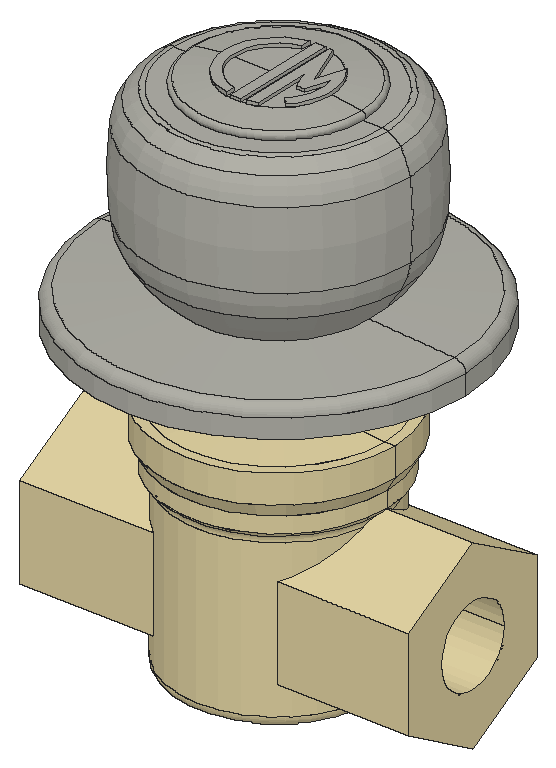
Revit family "QD21130000", category Apparecchi idraulici, Revit 2020
Family settings
  Quota connettore circolare = Usa diametro
  Tipo di parte = Normale
  Numero OmniClass = 23.45.00.00
  Titolo OmniClass = Sanitary, Laundry, and Cleaning Equipment
  Basato su piano di lavoro = No
  Sempre verticale = Sì
  Taglio con vuoti quando caricato = No
  Condiviso = No
  Punto di calcolo locali = No
Parameters
  URL = "https://web.cimberio.it/index.php/figura/93?subcategoria_id=43151"
  Temperatura di esercizio = "-10 ÷ 95°C"
  Prospetto di default = 0 mm
  Produttore = "CIMBERIO SPA"
  Pressione nominale = "PN 16"
  Modello = "Cim 126S"
  Materiale = "Prodotto in lega di ottone conforme alla norma EN 12165-CW617N-DW."
  Descrizione = "Impiegato nei più svariati settori dell'impiantistica in condutture anti-ritorno per: reti di distribuzione acqua potabile, impianti di riscaldamento, condizionamento, igienico-sanitari e in generale con ogni fluido non corrosivo."
  DN Model [instance] = QD21131020 : QD21131020
  DN [instance] = 15 mm
  Commenti sul tipo = "Realizzato in ottemperanza ai requisiti gestionali della norma EN ISO 9001.\r\nCollaudato al 100% secondo la normativa EN 12266-1"
Reference planes
  plane 1 "Centro (Fronte/Retro)": y = 0
  plane 2: z = 0
  plane 3 "Centro (Sinistra/Destra)": x = 0
Dimensions and locks
  aligned and locked: level to plane 2
Nested families
  nested 1: "QD21131020" at (0, 0, 0), type <- "DN Model", type "QD21131020"
  nested 2: "QD21131020" at (0, 0, 0), type <- "DN Model", type "QD21131020"
  nested 3: "QD21131020" at (0, 0, 0), type <- "DN Model", type "QD21131020"
  nested 4: "QD21131020" at (0, 0, 0), type <- "DN Model", type "QD21131020"
  nested 5: "QD21131020" at (0, 0, 0), type <- "DN Model", type "QD21131020"
  nested 6: "QD21131020" at (0, 0, 0), type <- "DN Model", type "QD21131020"
Connectors
  piping at (32.5, 0, 0), diameter 15, driven by "DN"
    settings: on nested 1, index 1, connector inside diameter 609.6 mm, connector length 0 mm, flow factor 0, pipe flow 0.0 L/s, pressure drop 0.0 Pa, fitting loss kfactor 0, connector angle 0.00°, fixture units 0, engagement length 0 mm, angle of deflection 0.00°, flow configuration 0, flow direction 0, fitting loss method 0, system type 7, joint type 0, gender type 0, connector reference index -1, connector utility 0, adjustable connector no, is connector primary yes, connector description ""
  piping at (-32.5, 0, 0), diameter 15, driven by "DN"
    settings: on nested 1, index 2, connector inside diameter 609.6 mm, connector length 0 mm, flow factor 0, pipe flow 0.0 L/s, pressure drop 0.0 Pa, fitting loss kfactor 0, connector angle 0.00°, fixture units 0, engagement length 0 mm, angle of deflection 0.00°, flow configuration 0, flow direction 0, fitting loss method 0, system type 7, joint type 0, gender type 0, connector reference index -1, connector utility 0, adjustable connector no, is connector primary no, connector description ""
Definition of nested family "QD21131020"
  Parameters (values of type "QD21131020")
    Default Elevation = 0 mm
  Reference planes
    plane 1 "Centro (Fronte/Retro)": y = 0
    plane 2: z = 0
    plane 3 "Centro (Sinistra/Destra)": x = 0
  Forms (mm)
    Revolve 1, solid
      sketch origin (0, 0, 0) x (1, 0, 0) y (0, 0, 1)
        loop
          line (-9.583, 37) -> (-9.583, 30.334)
          arc (-9.583, 30.334) -> (-9.852, 29.65) -> (-10.516, 29.334) r 1.003
          line (-10.516, 29.334) -> (-20, 28.504) -> (-22, 28.5) -> (-22, 23.134) -> (-20.5, 20.536) -> (-20.5, 17.5) -> (-19.586, 16.586)
          arc (-19.586, 16.586) -> (-19.152, 15.937) -> (-19, 15.172) r 2
          line (-19, 15.172) -> (-19, -14.106)
          arc (-19, -14.106) -> (-18.451, -15.483) -> (-17.105, -16.104) r 2
          line (-17.105, -16.104) -> (0, -17) -> (0, 37) -> (-9.583, 37)
        axis (0, 37) -> (0, -17)
      angle from 0 to 360
    Extrusion 2, solid
      sketch origin (0, 0, 0) x (0, 1, 0) y (0, 0, 1)
        loop
          circle (0, 0) r 7.5
        loop
          line (0, 17.25) -> (-14.939, 8.625) -> (-14.939, -8.625) -> (0, -17.25) -> (14.939, -8.625) -> (14.939, 8.625) -> (0, 17.25)
      from -36.5 to 0
    Revolve 3, solid
      sketch origin (0, 0, 0) x (1, 0, 0) y (0, 0, 1)
        loop
          line (0, 41.542) -> (-12.123, 41.542) -> (-13, 41.004) -> (-13, 39) -> (-12, 38) -> (-10.583, 38)
          arc (-10.583, 38) -> (-9.876, 37.707) -> (-9.583, 37) r 1
          line (-9.583, 37) -> (0, 37) -> (0, 41.542)
        axis (0, 41.542) -> (0, 37)
      angle from 0 to 360
    Revolve 4, solid
      sketch origin (0, 0, 0) x (1, 0, 0) y (0, 0, 1)
        loop
          line (0, 83.233) -> (-10, 83.233)
          arc (-10, 83.233) -> (-12.835, 82.908) -> (-15.659, 82.501) r 100
          arc (-15.659, 82.501) -> (-16.3, 81.754) -> (-15.667, 81.001) r 0.76
          line (-15.667, 81.001) -> (-19.551, 81)
          arc (-19.551, 81) -> (-20.015, 80.945) -> (-20.454, 80.784) r 2.003
          arc (-20.454, 80.784) -> (-21.76, 79.993) -> (-22.931, 79.011) r 9.979
          arc (-22.931, 79.011) -> (-24.103, 76.975) -> (-24.779, 74.726) r 10.233
          arc (-24.779, 74.726) -> (-25.179, 67.501) -> (-24.783, 60.276) r 65.797
          arc (-24.783, 60.276) -> (-24.246, 57.659) -> (-23.235, 55.187) r 14.417
          arc (-23.235, 55.187) -> (-20.476, 51.337) -> (-17.065, 48.052) r 26
          line (-17.065, 48.052) -> (-33.194, 47.178)
          arc (-33.194, 47.178) -> (-34.538, 46.556) -> (-35.086, 45.181) r 2
          line (-35.086, 45.181) -> (-35.086, 41.542) -> (0, 41.542) -> (0, 83.233)
        axis (0, 83.233) -> (0, 41.542)
      angle from 0 to 360
    Extrusion 5, solid
      sketch origin (0, 0, 0) x (1, 0, 0) y (0, 1, 0)
        loop
          line (-1.9, 7.977) -> (-1.9, 9.818)
          arc (-1.9, 9.818) -> (-10, 0) -> (-1.9, -9.818) r 10
          line (-1.9, -9.818) -> (-1.9, -7.977)
          arc (-1.9, -7.977) -> (-8.2, 0) -> (-1.9, 7.977) r 8.2
        loop
          arc (-0.9, -9.959) -> (0, -10) -> (0.9, -9.959) r 10
          line (0.9, -9.959) -> (0.9, 9.959)
          arc (0.9, 9.959) -> (0, 10) -> (-0.9, 9.959) r 10
          line (-0.9, 9.959) -> (-0.9, -9.959)
        loop
          arc (7.071, -7.071) -> (9.995, -0.325) -> (7.516, 6.597) r 10
          line (7.516, 6.597) -> (5.631, 1.42) -> (2.678, 9.535)
          arc (2.678, 9.535) -> (2.307, 9.726) -> (1.9, 9.818) r 1.635
          line (1.9, 9.818) -> (1.9, -9.818)
          arc (1.9, -9.818) -> (2.812, -9.596) -> (3.7, -9.29) r 10
          line (3.7, -9.29) -> (3.7, 1.464) -> (4.881, -1.782) -> (6.381, -1.782) -> (7.869, 2.305)
          arc (7.869, 2.305) -> (7.945, -2.03) -> (5.798, -5.798) r 8.2
          line (5.798, -5.798) -> (7.071, -7.071)
      from 83.233 to 83.81
    Extrusion 6, solid
      sketch origin (0, 0, 0) x (0, 1, 0) y (0, 0, -1)
        loop
          circle (0, 0) r 7.5
        loop
          line (0, -17.25) -> (14.939, -8.625) -> (14.939, 8.625) -> (0, 17.25) -> (-14.939, 8.625) -> (-14.939, -8.625) -> (0, -17.25)
      from -36.5 to 0
  Dimensions and locks
    aligned and locked: level to plane 2
